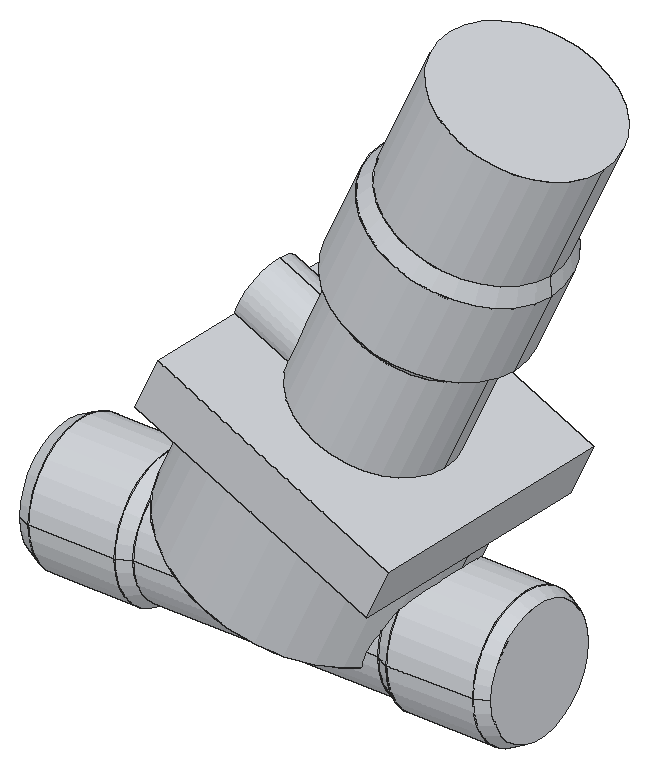
Revit family "OPTIMA_Compact_P_MM_DN20_2,5_RFA_2019", category Pipe Accessories, Revit 2019
Family settings
  Round Connector Dimension = Use Diameter
  Part Type = Valve - Breaks Into
  Work Plane-Based = No
  Always vertical = Yes
  Cut with Voids When Loaded = No
  Shared = No
Parameters (values of type "OPTIMA Compact P DN20 M-M 2.5mm")
  magiProductId = "9b3b796f370b421c8a31739fcad6d9"
  magiProductFamilyId = "5ce2593e541b4756b7958a6220b877"
  magiPartTypeId = 304
  isMeasuringValve [instance] = no
  ang2D [instance] = 0.00°
  Z6 = 5 mm
  Z5 = 91 mm
  Z4 = 18.303 mm
  Z3 = 13 mm
  Z2 = 8.022 mm
  Z1 = 16.845 mm
  X2 = 12.8 mm
  X1 = 16.8 mm
  W2D = 20 mm
  VersionID = "2.0/2019.5.23.1/FRESE_OPTIMA-P_201"
  VIS0 = no
  Use Minimum Symbol Size [instance] = no
  URL = "www.hydronic.cz"
  Type Comments = "vnější závit; PN25; 0~120°C, dpmax=800kPa; bez měřicích vsuvek"
  TLT2 = 35 mm
  TL = 70 mm
  R7 = 5 mm
  R5 = 13.794 mm
  R4 = 12.54 mm
  R3 = 11.4 mm
  R2__ve = -R2  # -19 mm
  R2 = 19 mm
  R1 = 9 mm
  QmdConnectorList = "301;D;302;D"
  Productdata [instance] = ""
  Manufacturer = "Hydronic Systems Prague s.r.o."
  MC Product Code = "53-4103  (3/4\" M-M; 2.5mm; Qmin~Qmax při dps=5kPa = 93~482 l/h; Qmin~Qmax při dps=10kPa = 73~378 l/h; kvs=1,3)"
  MC Piping Given Pressure Drop [instance] = 0.0 Pa
  MC Enable LOD 350 = no
  MC Enable LOD 200 = no
  MC Constant Outlet Pressure [instance] = 0.0 Pa
  LLDONLY = not(BBVIS)  # yes
  LLDAndHLD = and(or(LLDONLY, MC Enable LOD 350), not(BBVIS))  # yes
  L4 = 13.435 mm
  L3 = 19 mm
  L2D_Min = 30.48 mm
  L2D = 36.4 mm
  L2 = 44.42 mm
  L = 36.4 mm
  HH = 80.215 mm
  H = 83 mm
  ENBL350 = and(MC Enable LOD 350, not(BBVIS))  # no
  Description = "Armatura pro regulaci průtoku, omezení průtoku a stabilizaci tlakové diference"
  DT2 = 10 mm
  D = 20 mm
  CAT = no
  BBVIS = MC Enable LOD 200  # no
Types (4, lengths in mm): name | magiProductId | Z5 | X2 | X1 | W2D | TLT2 | TL | R1 | MC Product Code | L2D | L | DT2 | D
  OPTIMA Compact P DN15 M-M 2.5mm | "e2c6e2867cb04e20b310fc655d8e25" | 88.5 | 10.5 | 14.5 | 15 | 32.5 | 65 | 6.75 | "53-4100  (1/2\" M-M; 2.5mm; Qmin~Qmax při dps=5kPa = 93~482 l/h; Qmin~Qmax při dps=10kPa = 73~378 l/h; kvs=1,3)" | 36 | 36 | 7.5 | 15
  OPTIMA Compact P DN15 M-M 5.0mm | "de010cba6d924babace2e100200bd1" | 88.5 | 10.5 | 14.5 | 15 | 32.5 | 65 | 6.75 | "53-4102  (1/2\" M-M; 5.0mm; Qmin~Qmax při dps=5kPa = 198~1032 l/h; Qmin~Qmax při dps=10kPa = 156~809 l/h; kvs=2,7)" | 36 | 36 | 7.5 | 15
  OPTIMA Compact P DN20 M-M 2.5mm | "9b3b796f370b421c8a31739fcad6d9" | 91 | 12.8 | 16.8 | 20 | 35 | 70 | 9 | "53-4103  (3/4\" M-M; 2.5mm; Qmin~Qmax při dps=5kPa = 93~482 l/h; Qmin~Qmax při dps=10kPa = 73~378 l/h; kvs=1,3)" | 36.4 | 36.4 | 10 | 20
  OPTIMA Compact P DN20 M-M 5.0mm | "2f6d325ab3f64974a2f7ca30c30193" | 91 | 12.8 | 16.8 | 20 | 35 | 70 | 9 | "53-4105  (3/4\" M-M; 5.0mm; Qmin~Qmax při dps=5kPa = 198~1032 l/h; Qmin~Qmax při dps=10kPa = 156~809 l/h; kvs=2,7)" | 36.4 | 36.4 | 10 | 20
Reference planes
  plane 1 "Center (Front/Back)": y = 0
  plane 2 "XYPLANE": z = 0
  plane 3 "Center (Left/Right)": x = 0
  plane 4 "100": y = -19
  plane 5 "99": y = 19
  plane 6 "98": x = 44.42
  plane 7 "94": through (-654.382, 0, 375.613) normal (0.4226, 0, 0.9063)
  plane 8 "92": through (-655.439, 0, 373.347) normal (0.4226, 0, 0.9063)
  plane 9 "86": z = -10
  plane 10 "76": through (305.901, 0, 683.957) normal (0.9063, 0, -0.4226)
  plane 11 "60": through (-660.933, 0, 361.565) normal (0.4226, 0, 0.9063)
  plane 12 "57": through (-661.99, 0, 359.299) normal (0.4226, 0, 0.9063)
  plane 13 "55": through (-669.109, 0, 344.032) normal (0.4226, 0, 0.9063)
  plane 14 "52": through (-668.263, 0, 345.845) normal (0.4226, 0, 0.9063)
  plane 15 "48": through (-672.499, 0, 336.762) normal (0.4226, 0, 0.9063)
  plane 16 "47": y = -19
  plane 17 "46": y = 19
  plane 18 "45": through (332.184, 0, 671.701) normal (0.9063, 0, -0.4226)
  plane 19 "44": through (297.744, 0, 687.761) normal (0.9063, 0, -0.4226)
  plane 20 "40": through (-682.576, 0, 315.151) normal (0.4226, 0, 0.9063)
  plane 21 "38": through (-679.618, 0, 321.495) normal (0.4226, 0, 0.9063)
  plane 22 "37": y = 0
  plane 23 "36": through (314.964, 0, 679.731) normal (0.9063, 0, -0.4226)
  plane 24 "32": x = 33
  plane 25 "31": x = 20.2
  plane 26 "30": x = 18.2
  plane 27 "19": x = -18.2
  plane 28 "18": x = -20.2
  plane 29 "12": x = -33
  plane 30 "6": x = 35
  plane 31 "5": x = -35
  plane 32 "3": z = 0
  plane 33 "2": y = 0
  plane 34 "33XY": through (-681.731, 0, 316.964) normal (0.4226, 0, 0.9063)
  plane 35 "33XZ": y = 0
  plane 36 "33YZ": through (314.964, 0, 679.731) normal (0.9063, 0, -0.4226)
Forms (mm)
  Extrusion 1, solid, visible <- "BBVIS"
    sketch origin (-750, 0, -10) x (1, 0, 0) y (0, 1, 0)
      loop
        line (715, 19) -> (715, -19) -> (794.42, -19) -> (794.42, 19) -> (715, 19)
    from 0 to 91 <- "Z5"
  Extrusion 2, solid, visible <- "LLDAndHLD"
    sketch origin (-654.382, 0, 375.613) x (0.906308, 0, -0.422618) y (0, 1, 0)
      loop
        circle (750, 0) r 12.54
    from 0 to 18.303 <- "Z4"
  Blend 3, solid, visible <- "LLDAndHLD"
    base sketch origin (-655.439, 0, 373.347) x (0.906308, 0, -0.422618) y (0, 1, 0)
      loop
        circle (750, 0) r 13.794
    top sketch origin (-655.439, 0, 373.347) x (0.906308, 0, -0.422618) y (0, 1, 0)
      loop
        circle (750, 0) r 12.54
    from 0 to 2.5
  Extrusion 4, solid, visible <- "LLDAndHLD"
    sketch origin (-660.933, 0, 361.565) x (0.906308, 0, -0.422618) y (0, 1, 0)
      loop
        circle (750, 0) r 13.794
    from 0 to 13 <- "Z3"
  Blend 5, solid, visible <- "LLDAndHLD"
    base sketch origin (-661.99, 0, 359.299) x (0.906308, 0, -0.422618) y (0, 1, 0)
      loop
        circle (750, 0) r 11.4
    top sketch origin (-661.99, 0, 359.299) x (0.906308, 0, -0.422618) y (0, 1, 0)
      loop
        circle (750, 0) r 12.54
    from 0 to 2.5
  Extrusion 6, solid, visible <- "LLDAndHLD"
    sketch origin (-669.109, 0, 344.032) x (0.906308, 0, -0.422618) y (0, 1, 0)
      loop
        circle (750, 0) r 11.4
    from 0 to 16.845 <- "Z1"
  Extrusion 7, solid, visible <- "LLDAndHLD"
    sketch origin (314.964, 0, 679.731) x (-0.422618, 0, -0.906308) y (0, 1, 0)
      loop
        circle (718.133, 0) r 5
    from 0 to -19 <- "R2__ve"
  Extrusion 8, solid, visible <- "LLDAndHLD"
    sketch origin (-672.499, 0, 336.762) x (0.906308, 0, -0.422618) y (0, 1, 0)
      loop
        line (731, 19) -> (731, -19) -> (769, -19) -> (769, 19) -> (731, 19)
    from 0 to 8.022 <- "Z2"
  Blend 9, solid, visible <- "LLDAndHLD"
    base sketch origin (-682.576, 0, 315.151) x (0.906308, 0, -0.422618) y (0, 1, 0)
      loop
        circle (740, 0) r 9
    top sketch origin (-682.576, 0, 315.151) x (0.906308, 0, -0.422618) y (0, 1, 0)
      loop
        circle (750, 0) r 19
    from 0 to 7
  Extrusion 10, solid, visible <- "LLDAndHLD"
    sketch origin (-679.618, 0, 321.495) x (0.906308, 0, -0.422618) y (0, 1, 0)
      loop
        circle (750, 0) r 19
    from 0 to 16.845 <- "Z1"
  Extrusion 11, solid, visible <- "LLDAndHLD"
    sketch origin (-18.2, -750, 0) x (0, 1, 0) y (0, 0, 1)
      loop
        circle (750, 0) r 9
    from 0 to 36.4 <- "L"
  Blend 12, solid, visible <- "LLDAndHLD"
    base sketch origin (18.2, -750, 0) x (0, 1, 0) y (0, 0, 1)
      loop
        circle (750, 0) r 9
    top sketch origin (18.2, -750, 0) x (0, 1, 0) y (0, 0, 1)
      loop
        circle (750, 0) r 10
    from 0 to 2
  Extrusion 13, solid, visible <- "LLDAndHLD"
    sketch origin (20.2, -750, 0) x (0, 1, 0) y (0, 0, 1)
      loop
        circle (750, 0) r 10
    from 0 to 12.8 <- "X2"
  Blend 14, solid, visible <- "LLDAndHLD"
    base sketch origin (35, -750, 0) x (0, 1, 0) y (0, 0, 1)
      loop
        circle (750, 0) r 9
    top sketch origin (35, -750, 0) x (0, 1, 0) y (0, 0, 1)
      loop
        circle (750, 0) r 10
    from 0 to -2
  Blend 15, solid, visible <- "LLDAndHLD"
    base sketch origin (-18.2, -750, 0) x (0, 1, 0) y (0, 0, 1)
      loop
        circle (750, 0) r 9
    top sketch origin (-18.2, -750, 0) x (0, 1, 0) y (0, 0, 1)
      loop
        circle (750, 0) r 10
    from 0 to -2
  Extrusion 16, solid, visible <- "LLDAndHLD"
    sketch origin (-33, -750, 0) x (0, 1, 0) y (0, 0, 1)
      loop
        circle (750, 0) r 10
    from 0 to 12.8 <- "X2"
  Blend 17, solid, visible <- "LLDAndHLD"
    base sketch origin (-35, -750, 0) x (0, 1, 0) y (0, 0, 1)
      loop
        circle (750, 0) r 9
    top sketch origin (-35, -750, 0) x (0, 1, 0) y (0, 0, 1)
      loop
        circle (750, 0) r 10
    from 0 to 2
  Extrusion 18, solid, not visible
    sketch origin (18.2, -750, 0) x (0, 1, 0) y (0, 0, 1)
      loop
        circle (750, 0) r 10
    from 0 to -10
  Extrusion 19, solid, not visible
    sketch origin (-18.2, -750, 0) x (0, 1, 0) y (0, 0, 1)
      loop
        circle (750, 0) r 10
    from 0 to 10
Lines and regions (mm)
  reference lines, not visible
    curve 1: circle (2, 2, 0) r 1 normal (0, 0, 1)
Dimensions and locks
  plane 1 "Center (Front/Back)" to curve 1 = 2 mm
  "R2": plane 1 "Center (Front/Back)" to plane 4 "100"
  "R2": plane 1 "Center (Front/Back)" to plane 5 "99"
  "L2": plane 3 "Center (Left/Right)" to plane 6 "98"
  locked: plane 8 "92" to plane 7 "94" at 2.5
  "Z3": plane 11 "60" to plane 8 "92"
  "DT2": plane 2 "XYPLANE" to plane 9 "86"
  locked: plane 36 "33YZ" to plane 10 "76" at 10
  locked: plane 12 "57" to plane 11 "60" at 2.5
  "Z1": plane 13 "55" to plane 12 "57"
  "Z2": plane 15 "48" to plane 13 "55"
  locked: plane 13 "55" to plane 14 "52" at 2
  "Z1": plane 21 "38" to plane 15 "48"
  "R2": plane 35 "33XZ" to plane 16 "47"
  "R2": plane 35 "33XZ" to plane 17 "46"
  "R2": plane 36 "33YZ" to plane 18 "45"
  "R2": plane 36 "33YZ" to plane 19 "44"
  locked: plane 34 "33XY" to plane 20 "40" at 2
  locked: plane 34 "33XY" to plane 21 "38" at 5
  locked: plane 35 "33XZ" to plane 22 "37"
  locked: plane 36 "33YZ" to plane 23 "36"
  "X2": plane 25 "31" to plane 24 "32"
  locked: plane 26 "30" to plane 25 "31" at 2
  "L": plane 27 "19" to plane 26 "30"
  locked: plane 28 "18" to plane 27 "19" at 2
  "X2": plane 29 "12" to plane 28 "18"
  locked: plane 31 "5" to plane 29 "12" at 2
  locked: plane 24 "32" to plane 30 "6" at 2
  "TLT2": plane 3 "Center (Left/Right)" to plane 31 "5"
  locked: plane 2 "XYPLANE" to plane 32 "3"
  locked: plane 1 "Center (Front/Back)" to plane 33 "2"
  Extrusion 1 sketch curve to Extrusion 1 sketch curve = 0 mm  (x8)
  Extrusion 8 sketch curve to Extrusion 8 sketch curve = 0 mm  (x8)
  "R4": radius of Extrusion 2 sketch curve
  "R4": radius of Blend 3 sketch curve
  "R5": radius of Blend 3 sketch curve
  "R5": radius of Extrusion 4 sketch curve
  "R4": radius of Blend 5 sketch curve
  "R3": radius of Blend 5 sketch curve
  "R3": radius of Extrusion 6 sketch curve
  "R7": radius of Extrusion 7 sketch curve
  "R2": radius of Blend 9 sketch curve
  "R1": radius of Blend 9 sketch curve
  "R2": radius of Extrusion 10 sketch curve
  "R1": radius of Extrusion 11 sketch curve
  "DT2": radius of Blend 12 sketch curve
  "R1": radius of Blend 12 sketch curve
  "DT2": radius of Extrusion 13 sketch curve
  "DT2": radius of Blend 14 sketch curve
  "R1": radius of Blend 14 sketch curve
  "DT2": radius of Blend 15 sketch curve
  "R1": radius of Blend 15 sketch curve
  "DT2": radius of Extrusion 16 sketch curve
  "DT2": radius of Blend 17 sketch curve
  "R1": radius of Blend 17 sketch curve
  aligned and locked: level to plane 2 "XYPLANE"
  aligned and locked: Extrusion 1 sketch curve to plane 31 "5"
  aligned and locked: plane 5 "99" to Extrusion 1 sketch curve  (x2)
  aligned and locked: plane 4 "100" to Extrusion 1 sketch curve  (x2)
  aligned and locked: plane 31 "5" to Extrusion 1 sketch curve
  aligned and locked: plane 6 "98" to Extrusion 1 sketch curve  (x2)
  aligned and locked: plane 22 "37" to Extrusion 2 sketch curve
  aligned and locked: Extrusion 2 sketch curve to plane 23 "36"
  aligned and locked: plane 22 "37" to Blend 3 sketch curve  (x2)
  aligned and locked: Blend 3 sketch curve to plane 23 "36"  (x2)
  aligned and locked: plane 7 "94" to Blend 3
  aligned and locked: plane 22 "37" to Extrusion 4 sketch curve
  aligned and locked: Extrusion 4 sketch curve to plane 23 "36"
  aligned and locked: plane 22 "37" to Blend 5 sketch curve  (x2)
  aligned and locked: Blend 5 sketch curve to plane 23 "36"  (x2)
  aligned and locked: plane 11 "60" to Blend 5
  aligned and locked: plane 22 "37" to Extrusion 6 sketch curve
  aligned and locked: Extrusion 6 sketch curve to plane 23 "36"
  aligned and locked: plane 14 "52" to Extrusion 7 sketch curve
  aligned and locked: plane 22 "37" to Extrusion 7 sketch curve
  aligned and locked: Extrusion 8 sketch curve to plane 19 "44"  (x2)
  aligned and locked: plane 17 "46" to Extrusion 8 sketch curve  (x2)
  aligned and locked: Extrusion 8 sketch curve to plane 16 "47"
  aligned and locked: Extrusion 8 sketch curve to plane 18 "45"
  aligned and locked: plane 16 "47" to Extrusion 8 sketch curve
  aligned and locked: plane 18 "45" to Extrusion 8 sketch curve
  aligned and locked: plane 22 "37" to Blend 9 sketch curve  (x2)
  aligned and locked: Blend 9 sketch curve to plane 23 "36"
  aligned and locked: Blend 9 sketch curve to plane 10 "76"
  aligned and locked: plane 21 "38" to Blend 9
  aligned and locked: plane 22 "37" to Extrusion 10 sketch curve
  aligned and locked: Extrusion 10 sketch curve to plane 23 "36"
  aligned and locked: plane 32 "3" to Extrusion 11 sketch curve
  aligned and locked: Extrusion 11 sketch curve to plane 33 "2"
  aligned and locked: plane 32 "3" to Blend 12 sketch curve  (x2)
  aligned and locked: Blend 12 sketch curve to plane 33 "2"  (x2)
  aligned and locked: plane 25 "31" to Blend 12
  aligned and locked: plane 32 "3" to Extrusion 13 sketch curve
  aligned and locked: Extrusion 13 sketch curve to plane 33 "2"
  aligned and locked: plane 32 "3" to Blend 14 sketch curve  (x2)
  aligned and locked: Blend 14 sketch curve to plane 33 "2"  (x2)
  aligned and locked: Blend 14 to plane 24 "32"
  aligned and locked: plane 32 "3" to Blend 15 sketch curve  (x2)
  aligned and locked: Blend 15 sketch curve to plane 33 "2"  (x2)
  aligned and locked: Blend 15 to plane 28 "18"
  aligned and locked: plane 32 "3" to Extrusion 16 sketch curve
  aligned and locked: Extrusion 16 sketch curve to plane 33 "2"
  aligned and locked: plane 32 "3" to Blend 17 sketch curve  (x2)
  aligned and locked: Blend 17 sketch curve to plane 33 "2"  (x2)
  aligned and locked: plane 29 "12" to Blend 17
  aligned and locked: plane 32 "3" to Extrusion 18 sketch curve
  aligned and locked: Extrusion 18 sketch curve to plane 33 "2"
  aligned and locked: plane 32 "3" to Extrusion 19 sketch curve
  aligned and locked: Extrusion 19 sketch curve to plane 33 "2"
Automatic sketch dimensions
  plane 4 "100" to Extrusion 18 sketch curve = 9 mm
  plane 4 "100" to Extrusion 19 sketch curve = 9 mm
  plane 3 "Center (Left/Right)" to curve 1 = 2 mm
  radius of curve 1 = 1 mm
Nested families
  nested 1: "1_RadialArray" at (10.622, 0, 27.068) x (0.6409, 0.7071, -0.2988) z (0.4226, 0, 0.9063), L1 <- "L3", type "Family2"
    with StartAngle 0.00°, NumberOfObjects 4, ModelLinesVisible no, L1 19 mm, H 5 mm, DN 10 mm, ArcAngle 360.00°
Connectors
  piping at (-18.2, 0, 0), diameter 20, driven by "D"
    settings: on Extrusion 19, index 1, connector inside diameter 609.6 mm, connector length 0 mm, flow factor 0, pipe flow 0.0 L/s, pressure drop 0.0 Pa, fitting loss kfactor 0, connector angle 0.00°, fixture units 0, engagement length 0 mm, angle of deflection 0.00°, flow configuration 0, flow direction 0, fitting loss method 0, system type 29, joint type 0, gender type 0, connector reference index 2, connector utility 0, adjustable connector no, is connector primary yes, connector description ""
  piping at (18.2, 0, 0), diameter 20, driven by "D"
    settings: on Extrusion 18, index 2, connector inside diameter 609.6 mm, connector length 0 mm, flow factor 0, pipe flow 0.0 L/s, pressure drop 0.0 Pa, fitting loss kfactor 0, connector angle 0.00°, fixture units 0, engagement length 0 mm, angle of deflection 0.00°, flow configuration 0, flow direction 0, fitting loss method 0, system type 29, joint type 0, gender type 0, connector reference index 1, connector utility 0, adjustable connector no, is connector primary no, connector description ""
